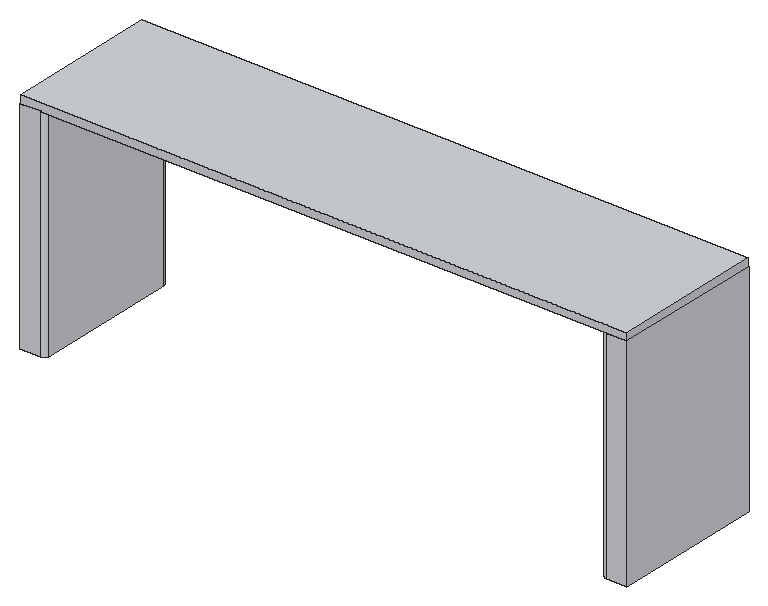
Revit family "Bernhardt_Design-Tables-Freestanding-Block_36h_Narrow-Blueprint", category Furniture, Revit 2016
Family settings
  OmniClass Number = 23.40.20.00
  OmniClass Title = General Furniture and Specialties
  Work Plane-Based = No
  Always vertical = Yes
  Cut with Voids When Loaded = No
  Shared = No
  Room Calculation Point = No
Parameters (values of type "BPS-BKV-CCSQ000")
  Wood = none
  URL = "http://www.bernhardtdesign.com"
  TotalWidth = 96"
  TotalDepth = 24"
  TableWidth = TotalWidth / 2  # 48"
  TableTopHeight = TotalHeight - 1 1/4"  # 34 3/4"
  TotalHeight = 36"
  TableTop = none
  TableDepth = TotalDepth / 2  # 12"
  Spacer_96in = yes
  Spacer_72in = yes
  Spacer_120in = no
  SKU = "BPS-BKV-CCSQ000"
  RailCapFront = RailCap + 2"  # 2"
  RailCap = 0"
  Model = "Blueprint"  # constant formula
  Manufacturer = "Bernhardt Design"  # constant formula
  Railing_bottom = -Railing_top  # -42"
  Railing_top = CapDistance - 2"  # 42"
  LegDistance = 20"
  LegHeight = TableTopHeight  # 34 3/4"
  Copyright © = "Copyright © Bernhardt Design"  # constant formula
  Catalog = SKU  # "BPS-BKV-CCSQ000"
  CapDistance = 44"
  Blueprint Gray = Blueprint Gray
  BlackPaint = Black Paint
  Authoring Version = "Autodesk Revit 2016"  # constant formula
Types (6): name | TotalWidth | TotalDepth | TableWidth | TableDepth | Spacer_96in | SKU | Railing_bottom | Railing_top | Catalog | CapDistance
  BPS-BGV-CCSQ000 | 72" | 24" | 36" | 12" | no | "BPS-BGV-CCSQ000" | -30" | 30" | "BPS-BGV-CCSQ000" | 32"
  BPS-BKV-CCSQ000 | 96" | 24" | 48" | 12" | yes | "BPS-BKV-CCSQ000" | -42" | 42" | "BPS-BKV-CCSQ000" | 44"
  BPS-B0V-CCSQ000 | 120" | 24" | 60" | 12" | yes | "BPS-B0V-CCSQ000" | -54" | 54" | "BPS-B0V-CCSQ000" | 56"
  BPS-BG0-CCSQ000 | 72" | 30" | 36" | 15" | no | "BPS-BG0-CCSQ000" | -30" | 30" | "BPS-BG0-CCSQ000" | 32"
  BPS-B00-CCSQ000 | 120" | 30" | 60" | 15" | yes | "BPS-B00-CCSQ000" | -54" | 54" | "BPS-B00-CCSQ000" | 56"
  BPS-BK0-CCSQ000 | 96" | 30" | 48" | 15" | yes | "BPS-BK0-CCSQ000" | -42" | 42" | "BPS-BK0-CCSQ000" | 44"
Reference planes (in)
  plane 1 "Center Front/Back": y = 0
  plane 2: z = 0
  plane 3 "Center Left/Right": x = 0
  plane 4 "railTop_plane": z = 33.8248
  plane 5 "TableTop_plane": z = 36
  plane 6 "tableBottom_plane": z = 34.75
  plane 7 "railBottom_plane": z = 31.79724
  plane 8 "Crossbar_top_plane": y = 12.06057
  plane 9 "Crossbar_bottom_plane": y = -12.16143
  plane 10 "width_left_plane": x = -48
  plane 11 "width_right_plane": x = 48
  plane 12 "depth_top_plane": y = 12
  plane 13 "depth_bottom_plane": y = -12
  plane 14 "RailEnd_right_plane": x = 44
  plane 15 "RailEnd_left_plane": x = -44
  plane 16 "EndCap_right_plane": x = 45.74932
  plane 17 "EndCap_left_plane": x = -45.74269
Forms (in)
  Extrusion 1, solid, material <- "TableTop"
    sketch origin (0, 0, 0) x (1, 0, 0) y (0, 1, 0)
      loop
        line (-48, 12) -> (-48, -12) -> (48, -12) -> (48, 12) -> (-48, 12)
    from 36 <- "TotalHeight" to 34.75 <- "TableTopHeight"
  Extrusion 2, solid, material "Blueprint Gray" <- "Blueprint Gray"
    sketch origin (0, -6.68362, 17.41142) x (0, -1, 0) y (0, 0, 1)
      loop
        arc (-2.89737, 16.41338) -> (-2.95223, 16.39066) -> (-2.97495, 16.3358) r 0.07758
        line (-2.97495, 16.3358) -> (-2.97495, 14.46243)
        arc (-2.97495, 14.46243) -> (-2.95252, 14.40826) -> (-2.89835, 14.38583) r 0.0766
        line (-2.89835, 14.38583) -> (-1.25923, 14.38583)
        arc (-1.25923, 14.38583) -> (-1.20442, 14.40853) -> (-1.18172, 14.46334) r 0.07751
        line (-1.18172, 14.46334) -> (-1.18172, 16.334)
        arc (-1.18172, 16.334) -> (-1.20497, 16.39013) -> (-1.2611, 16.41338) r 0.07938
        line (-1.2611, 16.41338) -> (-2.89737, 16.41338)
      loop
        arc (-12.10603, 16.41338) -> (-12.16089, 16.39066) -> (-12.18362, 16.3358) r 0.07758
        line (-12.18362, 16.3358) -> (-12.18362, 14.46243)
        arc (-12.18362, 14.46243) -> (-12.16118, 14.40826) -> (-12.10701, 14.38583) r 0.0766
        line (-12.10701, 14.38583) -> (-10.4679, 14.38583)
        arc (-10.4679, 14.38583) -> (-10.41309, 14.40853) -> (-10.39038, 14.46334) r 0.07751
        line (-10.39038, 14.46334) -> (-10.39038, 16.334)
        arc (-10.39038, 16.334) -> (-10.41363, 16.39013) -> (-10.46976, 16.41338) r 0.07938
        line (-10.46976, 16.41338) -> (-12.10603, 16.41338)
    from -42 <- "Railing_bottom" to 42 <- "Railing_top"
  Extrusion 3, solid, material "Blueprint Gray" <- "Blueprint Gray"
    sketch origin (44, 0, 0) x (0, 0, -1) y (0, -1, 0)
      loop
        line (-34.75, -5.53436) -> (-31.7432, -5.53436) -> (-31.7432, -3.65936) -> (-34.75, -3.65936) -> (-34.75, -5.53436)
      loop
        line (-34.75, 3.65936) -> (-31.7432, 3.65936) -> (-31.7432, 5.52374) -> (-34.75, 5.52374) -> (-34.75, 3.65936)
    from 0 <- "RailCap" to 2 <- "RailCapFront"
  Extrusion 4, solid, material "Blueprint Gray" <- "Blueprint Gray"
    sketch origin (-44, 0, 0) x (0, 0, 1) y (0, -1, 0)
      loop
        line (34.75, -5.53436) -> (34.75, -3.65936) -> (31.7432, -3.65936) -> (31.7432, -5.53436) -> (34.75, -5.53436)
      loop
        line (34.75, 3.65936) -> (34.75, 5.52374) -> (31.7432, 5.52374) -> (31.7432, 3.65936) -> (34.75, 3.65936)
    from 0 <- "RailCap" to 2 <- "RailCapFront"
  Extrusion 5, solid, material "Blueprint Gray" <- "Blueprint Gray", visible <- "Spacer_72in"
    sketch origin (13.14909, 0, 0) x (0, -1, 0) y (0, 0, 1)
      loop
        line (-5.50051, 34.75) -> (-5.50051, 33.8248) -> (-3.6733, 33.8248) -> (-3.6733, 34.75) -> (-5.50051, 34.75)
      loop
        line (3.66998, 34.75) -> (3.66998, 33.8248) -> (5.49719, 33.8248) -> (5.49719, 34.75) -> (3.66998, 34.75)
    from 12.39763 to 13.89763
  Extrusion 6, solid, material "Blueprint Gray" <- "Blueprint Gray", visible <- "Spacer_72in"
    sketch origin (-31.18161, 0, 0) x (0, -1, 0) y (0, 0, -1)
      loop
        line (-5.50051, -34.75) -> (-3.6733, -34.75) -> (-3.6733, -33.8248) -> (-5.50051, -33.8248) -> (-5.50051, -34.75)
      loop
        line (3.66998, -34.75) -> (5.49719, -34.75) -> (5.49719, -33.8248) -> (3.66998, -33.8248) -> (3.66998, -34.75)
    from 12.39763 to 13.89763
  Extrusion 7, solid, material "Blueprint Gray" <- "Blueprint Gray", visible <- "Spacer_72in"
    sketch origin (31.18451, 0, 0) x (0, -1, 0) y (0, 0, 1)
      loop
        line (-5.50051, 34.75) -> (-5.50051, 33.8248) -> (-3.6733, 33.8248) -> (-3.6733, 34.75) -> (-5.50051, 34.75)
      loop
        line (3.66998, 34.75) -> (3.66998, 33.8248) -> (5.49719, 33.8248) -> (5.49719, 34.75) -> (3.66998, 34.75)
    from 12.39763 to 13.89763
  Extrusion 8, solid
    sketch origin (-12, -2, 0) x (-1, 0, 0) y (0, -1, 0)
      loop
        line (36, -14) -> (36, 10) -> (32.82201, 10)
        arc (32.82201, 10) -> (32.32077, 9.84235) -> (32, 9.42617) r 0.87568
        line (32, 9.42617) -> (32, -13.42617)
        arc (32, -13.42617) -> (32.32077, -13.84235) -> (32.82201, -14) r 0.87568
        line (32.82201, -14) -> (36, -14)
    from 0 to 34.75 <- "LegHeight"
  Extrusion 9, solid
    sketch origin (12, 0, 0) x (1, 0, 0) y (0, 1, 0)
      loop
        line (36, 12) -> (32.82473, 12)
        arc (32.82473, 12) -> (32.31983, 11.83963) -> (32, 11.4173) r 0.875
        line (32, 11.4173) -> (32, -11.4173)
        arc (32, -11.4173) -> (32.31983, -11.83963) -> (32.82473, -12) r 0.875
        line (32.82473, -12) -> (36, -12) -> (36, 12)
    from 0 to 34.75 <- "LegHeight"
  Extrusion 10, solid, material "Blueprint Gray" <- "Blueprint Gray", visible <- "Spacer_96in"
    sketch origin (-49.21996, 0, 0) x (0, -1, 0) y (0, 0, -1)
      loop
        line (-5.50051, -34.75) -> (-3.6733, -34.75) -> (-3.6733, -33.8248) -> (-5.50051, -33.8248) -> (-5.50051, -34.75)
      loop
        line (3.66998, -34.75) -> (5.49719, -34.75) -> (5.49719, -33.8248) -> (3.66998, -33.8248) -> (3.66998, -34.75)
    from 12.39763 to 13.89763
  Extrusion 11, solid, material "Blueprint Gray" <- "Blueprint Gray", visible <- "Spacer_96in"
    sketch origin (49.21994, 0, 0) x (0, -1, 0) y (0, 0, 1)
      loop
        line (-5.50051, 34.75) -> (-5.50051, 33.8248) -> (-3.6733, 33.8248) -> (-3.6733, 34.75) -> (-5.50051, 34.75)
      loop
        line (3.66998, 34.75) -> (3.66998, 33.8248) -> (5.49719, 33.8248) -> (5.49719, 34.75) -> (3.66998, 34.75)
    from 12.39763 to 13.89763
Dimensions and locks (in)
  "TotalHeight": plane 5 "TableTop_plane" to level
  "TableDepth": plane 1 "Center Front/Back" to plane 12 "depth_top_plane"
  "TableDepth": plane 13 "depth_bottom_plane" to plane 1 "Center Front/Back"
  "TableWidth": plane 10 "width_left_plane" to plane 3 "Center Left/Right"
  "TableWidth": plane 3 "Center Left/Right" to plane 11 "width_right_plane"
  locked: plane 17 "EndCap_left_plane" to plane 15 "RailEnd_left_plane" at 1.74269
  locked: plane 14 "RailEnd_right_plane" to plane 16 "EndCap_right_plane" at 1.74932
  "CapDistance": plane 15 "RailEnd_left_plane" to plane 3 "Center Left/Right"
  "CapDistance": plane 3 "Center Left/Right" to plane 14 "RailEnd_right_plane"
  locked: plane 5 "TableTop_plane" to plane 7 "railBottom_plane" at 4.20276
  locked: plane 4 "railTop_plane" to plane 7 "railBottom_plane" at 2.02756
  locked: plane 6 "tableBottom_plane" to plane 4 "railTop_plane" at 0.9252
  "TotalDepth": Extrusion 8 sketch curve to Extrusion 8 sketch curve
  "TableDepth": plane 1 "Center Front/Back" to Extrusion 8
  "TotalDepth": Extrusion 9 sketch curve to Extrusion 9 sketch curve
  "TableDepth": plane 1 "Center Front/Back" to Extrusion 9
  radius of Extrusion 8 sketch curve = 0.87568"  (x2)
  radius of Extrusion 9 sketch curve = 7/8"  (x2)
  aligned and locked: level to plane 2
  aligned and locked: Extrusion 1 to plane 12 "depth_top_plane"
  aligned and locked: plane 11 "width_right_plane" to Extrusion 1
  aligned and locked: Extrusion 1 to plane 10 "width_left_plane"
  aligned and locked: plane 13 "depth_bottom_plane" to Extrusion 1
  aligned and locked: Extrusion 8 to Extrusion 1
  aligned and locked: Extrusion 9 to Extrusion 1
Automatic sketch dimensions
  plane 7 "railBottom_plane" to Extrusion 2 sketch curve = 0"  (x2)
  plane 4 "railTop_plane" to Extrusion 2 sketch curve = 0"  (x2)
  Extrusion 2 sketch curve to plane 7 "railBottom_plane" = 0.0766"  (x2)
  Extrusion 2 sketch curve to plane 8 "Crossbar_top_plane" = 6.56057"
  Extrusion 2 sketch curve to Extrusion 2 sketch curve = 0.07758"
  Extrusion 2 sketch curve to Extrusion 2 sketch curve = 1.63627"  (x2)
  Extrusion 2 sketch curve to plane 7 "railBottom_plane" = 0.07751"  (x2)
  Extrusion 2 sketch curve to Extrusion 2 sketch curve = 1.63912"  (x2)
  plane 4 "railTop_plane" to Extrusion 2 sketch curve = 0.07758"
  plane 1 "Center Front/Back" to Extrusion 2 sketch curve = 3.70866"
  Extrusion 3 sketch curve to plane 6 "tableBottom_plane" = 0"  (x2)
  plane 7 "railBottom_plane" to Extrusion 3 sketch curve = 0.05404"  (x2)
  Extrusion 3 sketch curve to plane 8 "Crossbar_top_plane" = 6.5262"
  Extrusion 3 sketch curve to Extrusion 3 sketch curve = 1 7/8"
  plane 1 "Center Front/Back" to Extrusion 3 sketch curve = 3.65936"
  Extrusion 3 sketch curve to Extrusion 3 sketch curve = 1.86438"
  Extrusion 4 sketch curve to plane 6 "tableBottom_plane" = 0"  (x2)
  plane 7 "railBottom_plane" to Extrusion 4 sketch curve = 0.05404"  (x2)
  Extrusion 4 sketch curve to plane 8 "Crossbar_top_plane" = 6.5262"
  Extrusion 4 sketch curve to Extrusion 4 sketch curve = 1 7/8"
  plane 1 "Center Front/Back" to Extrusion 4 sketch curve = 3.65936"
  Extrusion 4 sketch curve to Extrusion 4 sketch curve = 1.86438"
  plane 4 "railTop_plane" to Extrusion 5 sketch curve = 0"  (x2)
  Extrusion 5 sketch curve to plane 6 "tableBottom_plane" = 0"  (x2)
  Extrusion 5 sketch curve to plane 8 "Crossbar_top_plane" = 6.56006"
  Extrusion 5 sketch curve to Extrusion 5 sketch curve = 1.82721"  (x2)
  plane 1 "Center Front/Back" to Extrusion 5 sketch curve = 3.66998"
  plane 4 "railTop_plane" to Extrusion 6 sketch curve = 0"  (x2)
  Extrusion 6 sketch curve to plane 6 "tableBottom_plane" = 0"  (x2)
  Extrusion 6 sketch curve to plane 8 "Crossbar_top_plane" = 6.56006"
  Extrusion 6 sketch curve to Extrusion 6 sketch curve = 1.82721"  (x2)
  plane 1 "Center Front/Back" to Extrusion 6 sketch curve = 3.66998"
  plane 4 "railTop_plane" to Extrusion 7 sketch curve = 0"  (x2)
  Extrusion 7 sketch curve to plane 6 "tableBottom_plane" = 0"  (x2)
  Extrusion 7 sketch curve to plane 8 "Crossbar_top_plane" = 6.56006"
  Extrusion 7 sketch curve to Extrusion 7 sketch curve = 1.82721"  (x2)
  plane 1 "Center Front/Back" to Extrusion 7 sketch curve = 3.66998"
  plane 4 "railTop_plane" to Extrusion 10 sketch curve = 0"  (x2)
  Extrusion 10 sketch curve to plane 6 "tableBottom_plane" = 0"  (x2)
  Extrusion 10 sketch curve to plane 8 "Crossbar_top_plane" = 6.56006"
  Extrusion 10 sketch curve to Extrusion 10 sketch curve = 1.82721"  (x2)
  plane 1 "Center Front/Back" to Extrusion 10 sketch curve = 3.66998"
  plane 4 "railTop_plane" to Extrusion 11 sketch curve = 0"  (x2)
  Extrusion 11 sketch curve to plane 6 "tableBottom_plane" = 0"  (x2)
  Extrusion 11 sketch curve to plane 8 "Crossbar_top_plane" = 6.56006"
  Extrusion 11 sketch curve to Extrusion 11 sketch curve = 1.82721"  (x2)
  plane 1 "Center Front/Back" to Extrusion 11 sketch curve = 3.66998"
  Extrusion 1 sketch curve to plane 10 "width_left_plane" = 0"
  Extrusion 1 sketch curve to plane 11 "width_right_plane" = 0"
  plane 13 "depth_bottom_plane" to Extrusion 1 sketch curve = 0"
  plane 12 "depth_top_plane" to Extrusion 1 sketch curve = 0"
  Extrusion 8 sketch curve to plane 15 "RailEnd_left_plane" = 0"
  plane 12 "depth_top_plane" to Extrusion 8 sketch curve = 0"
  Extrusion 8 sketch curve to plane 10 "width_left_plane" = 0"
  Extrusion 8 sketch curve to Extrusion 8 sketch curve = 0.82201"  (x2)
  Extrusion 9 sketch curve to plane 14 "RailEnd_right_plane" = 0"
  plane 13 "depth_bottom_plane" to Extrusion 9 sketch curve = 0"
  Extrusion 9 sketch curve to plane 11 "width_right_plane" = 0"
  Extrusion 9 sketch curve to Extrusion 9 sketch curve = 0.82473"  (x2)
